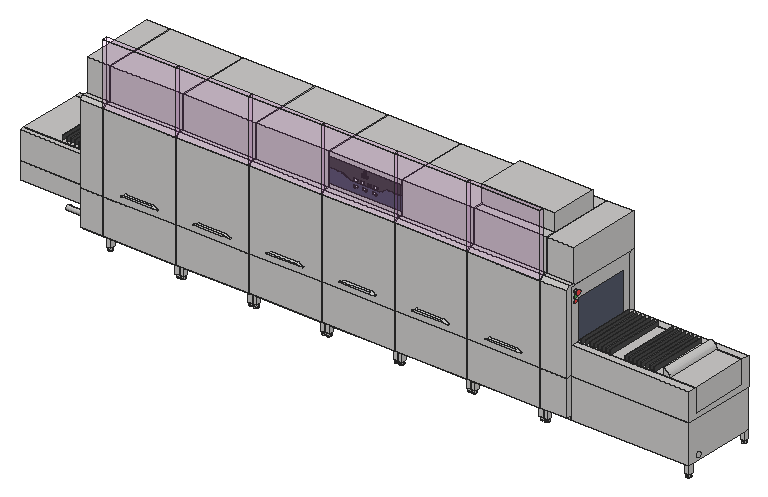
Revit family "QF_ELECTROLUXPROFESSIONAL_520719_EFTD108EL2U3D1M5L385", category Attrezzature speciali, Revit 2020
Family settings
  Quota connettore circolare = Usa diametro
  Tipo di parte = Normale
  Basato su piano di lavoro = No
  Sempre verticale = Sì
  Taglio con vuoti quando caricato = No
  Condiviso = No
  Punto di calcolo locali = No
Parameters (values of type "Standard")
  Weight = 1602.00 kg
  Watts = 93500 W
  Volts = 380 V
  URL Manufacturer = "https://www.electroluxprofessional.com/"
  URL = "https://www.electroluxprofessional.com/"
  Steam Supply Size = 0 mm
  Steam Supply Minimum Pressure = 0.0 Pa
  Steam Supply Maximum Pressure = 0.0 Pa
  Steam Consumption per Hour = 0
  Show Logo [instance] = yes
  Show Clearance [instance] = yes
  Refrigeration Suction Line Size = 0 mm
  Refrigeration Liquid Line Size = 0 mm
  Refrigerant Compressor Remote = yes
  Prospetto di default = 0 mm
  Produttore = "Electrolux Professional"
  Phase = 3
  Modello = "EFTD108EL2U3D1M5L385"
  Length Actual = 7350 mm  # constant formula
  Item Number = "520719"
  Hot Water Size = 0 mm
  Height Actual = 1983 mm  # constant formula
  HP = "125.4 HP"
  Gas Size = 0 mm
  Gas KW = 0
  Gas Input Pressure = 0 W
  Direct Waste Size = 50.8 mm
  Descrizione = "FT, 4Tanks, 10800D/H, El., 950mm loading, 1600mm unloading, 1Dryer, 55mm conveyor,L>R,380V50Hz3P"
  Depth Actual = 946 mm  # constant formula
  Cycle = 50 Hz
  Condensate Return Size = 0 mm
  Compressed Air Volume = 0.0 L/s
  Compressed Air Size = 0 mm
  Compressed Air Pressure = 0.0 Pa
  Cold Water Size = 0 mm
  Accessory = yes
Reference planes
  plane 1 "Centro (Fronte/Retro)": y = 0
  plane 2: z = 0
  plane 3 "Centro (Sinistra/Destra)": x = 0
  plane 4: z = 115
Forms (mm)
  Extrusion 1, solid, material "QF_Finishes_Stainless Steel"
    sketch origin (3032.404, 2, 1806.023) x (1, 0, 0) y (0, 0, 1)
      loop
        line (407.596, -163.023) -> (407.596, -183.023) -> (427.596, -183.023) -> (427.596, -163.023) -> (407.596, -163.023)
    from 0 to 2
  Extrusion 2, solid, material "QF_Finishes_Stainless Steel"
    sketch origin (7355.617, -1522.464, 1290.159) x (0, 0, -1) y (0, -1, 0)
      loop
        circle (1102.159, -772.464) r 25
    from -9.383 to 5.617
  Extrusion 3, solid, material "QF_Finishes_Stainless Steel"
    sketch origin (3692.404, 2, 337.984) x (1, 0, 0) y (0, 0, 1)
      loop
        line (407.596, -163.023) -> (407.596, -183.023) -> (427.596, -183.023) -> (427.596, -163.023) -> (407.596, -163.023)
    from 0 to 2
  Extrusion 4, solid, material "QF_Finishes_Stainless Steel"
    sketch origin (4126.841, 200.464, 109.383) x (1, 0, 0) y (0, 1, 0)
      loop
        circle (1102.159, -772.464) r 10
    from -9.383 to 5.617
  Extrusion 5, solid, material "QF_Finishes_Stainless Steel"
    sketch origin (4197.841, 200.464, 109.383) x (1, 0, 0) y (0, 1, 0)
      loop
        circle (1102.159, -772.464) r 10
    from -9.383 to 5.617
  Extrusion 6, solid, material "QF_Finishes_Stainless Steel"
    sketch origin (444.383, 22.464, 1290.159) x (0, 0, -1) y (0, 1, 0)
      loop
        circle (1102.159, -772.464) r 25
    from -9.383 to 255.617
Dimensions and locks
  plane 4 to level = 115 mm
  aligned and locked: level to plane 2
Nested families
  nested 1: "MODULO_CENTER_800_FAN" at (5333.563, -388.258, 0), Show Clearance <- "Show Clearance", type "MODULO_CENTER_800_FAN"
    with Show Logo yes, Show Clearance yes, R_L no, L_R yes
  nested 2: "MODULO_CENTER_800" at (3733.563, -388.258, 0), Show Clearance <- "Show Clearance", type "MODULO_CENTER_800"
    with Show Logo yes, Show Clearance yes, R_L no, L_R yes
  nested 3: "MODULO_ENTRY_DISH_950" at (558.563, -388.258, 0), type "MODULO_ENTRY_DISH_950"
    with Show Logo yes, Show Clearance yes, R_L no, L_R yes
  nested 4: "MODULO_USCITA_DISH_1600" at (6108.563, -388.258, 0), type "MODULO_USCITA_DISH_1600"
    with Show Logo yes, Show Clearance yes, R_L yes, L_R no
  nested 5: "Piedino_Square_115H" at (7326.5, -73.5, 0) x (-1, 0, 0) z (0, 0, 1), type "Piedino_Square_115H"
  nested 6: "Piedino_Square_115H" at (7326.5, -838.5, 0) x (-1, 0, 0) z (0, 0, 1), type "Piedino_Square_115H"
  nested 7: "Piedino_Square_115H" at (5773.5, -73.5, 0) x (-1, 0, 0) z (0, 0, 1), type "Piedino_Square_115H"
  nested 8: "Piedino_Square_115H" at (5773.5, -838.5, 0) x (-1, 0, 0) z (0, 0, 1), type "Piedino_Square_115H"
  nested 9: "Piedino_Square_115H" at (4173.5, -838.5, 0), type "Piedino_Square_115H"
  nested 10: "Piedino_Square_115H" at (4173.5, -73.5, 0), type "Piedino_Square_115H"
  nested 11: "Piedino_Square_115H" at (4926.5, -838.5, 0), type "Piedino_Square_115H"
  nested 12: "Piedino_Square_115H" at (4926.5, -73.5, 0), type "Piedino_Square_115H"
  nested 13: "Piedino_Square_115H" at (4973.5, -838.5, 0) x (-1, 0, 0) z (0, 0, 1), type "Piedino_Square_115H"
  nested 14: "Piedino_Square_115H" at (4973.5, -73.5, 0) x (-1, 0, 0) z (0, 0, 1), type "Piedino_Square_115H"
  nested 15: "Piedino_Square_115H" at (5726.5, -838.5, 0) x (-1, 0, 0) z (0, 0, 1), type "Piedino_Square_115H"
  nested 16: "Piedino_Square_115H" at (5726.5, -73.5, 0) x (-1, 0, 0) z (0, 0, 1), type "Piedino_Square_115H"
  nested 17: "Piedino_Square_115H" at (3373.5, -838.5, 0), type "Piedino_Square_115H"
  nested 18: "Piedino_Square_115H" at (3373.5, -73.5, 0), type "Piedino_Square_115H"
  nested 19: "Piedino_Square_115H" at (4126.5, -838.5, 0), type "Piedino_Square_115H"
  nested 20: "Piedino_Square_115H" at (4126.5, -73.5, 0), type "Piedino_Square_115H"
  nested 21: "MANIGLIA_FLIGHT_400" at (3750, -912, 639.28) x (1, 0, 0) z (0, -1, 0), type "MANIGLIA_FLIGHT_400"
  nested 22: "MANIGLIA_FLIGHT_400" at (5350, -912, 639.28) x (1, 0, 0) z (0, -1, 0), type "MANIGLIA_FLIGHT_400"
  nested 23: "MANIGLIA_FLIGHT_400" at (4550, -912, 639.28) x (1, 0, 0) z (0, -1, 0), type "MANIGLIA_FLIGHT_400"
  nested 24: "MODULO_CENTER_800" at (2966.437, -388.258, 0) x (-1, 0, 0) z (0, 0, 1), Show Clearance <- "Show Clearance", type "MODULO_CENTER_800"
    with Show Logo yes, Show Clearance yes, R_L no, L_R yes
  nested 25: "Piedino_Square_115H" at (3326.5, -838.5, 0) x (-1, 0, 0) z (0, 0, 1), type "Piedino_Square_115H"
  nested 26: "Piedino_Square_115H" at (3326.5, -73.5, 0) x (-1, 0, 0) z (0, 0, 1), type "Piedino_Square_115H"
  nested 27: "Piedino_Square_115H" at (2573.5, -838.5, 0) x (-1, 0, 0) z (0, 0, 1), type "Piedino_Square_115H"
  nested 28: "Piedino_Square_115H" at (2573.5, -73.5, 0) x (-1, 0, 0) z (0, 0, 1), type "Piedino_Square_115H"
  nested 29: "MANIGLIA_FLIGHT_400" at (2950, -912, 639.28) x (-1, 0, 0) z (0, -1, 0), type "MANIGLIA_FLIGHT_400"
  nested 30: "MODULO_CENTER_800" at (2133.563, -388.258, 0), Show Clearance <- "Show Clearance", type "MODULO_CENTER_800"
    with Show Logo yes, Show Clearance yes, R_L no, L_R yes
  nested 31: "Piedino_Square_115H" at (1773.5, -838.5, 0), type "Piedino_Square_115H"
  nested 32: "Piedino_Square_115H" at (1773.5, -73.5, 0), type "Piedino_Square_115H"
  nested 33: "Piedino_Square_115H" at (2526.5, -838.5, 0), type "Piedino_Square_115H"
  nested 34: "Piedino_Square_115H" at (2526.5, -73.5, 0), type "Piedino_Square_115H"
  nested 35: "MANIGLIA_FLIGHT_400" at (2150, -912, 639.28) x (1, 0, 0) z (0, -1, 0), type "MANIGLIA_FLIGHT_400"
  nested 36: "MODULO_CENTER_800" at (1366.437, -388.258, 0) x (-1, 0, 0) z (0, 0, 1), Show Clearance <- "Show Clearance", type "MODULO_CENTER_800"
    with Show Logo yes, Show Clearance yes, R_L no, L_R yes
  nested 37: "Piedino_Square_115H" at (1726.5, -838.5, 0) x (-1, 0, 0) z (0, 0, 1), type "Piedino_Square_115H"
  nested 38: "Piedino_Square_115H" at (1726.5, -73.5, 0) x (-1, 0, 0) z (0, 0, 1), type "Piedino_Square_115H"
  nested 39: "Piedino_Square_115H" at (973.5, -838.5, 0) x (-1, 0, 0) z (0, 0, 1), type "Piedino_Square_115H"
  nested 40: "Piedino_Square_115H" at (973.5, -73.5, 0) x (-1, 0, 0) z (0, 0, 1), type "Piedino_Square_115H"
  nested 41: "MANIGLIA_FLIGHT_400" at (1350, -912, 639.28) x (-1, 0, 0) z (0, -1, 0), type "MANIGLIA_FLIGHT_400"
  nested 42: "Schermo_Flight_800" at (3750, -815, 1592.837) x (1, 0, 0) z (0, -1, 0), type "Schermo_Flight_800"
  nested 43: "ELX_LOGO_WORDS_WHITE" at (3750, -816.6, 1682.837) x (1, 0, 0) z (0, -1, 0), Show Logo <- "Show Logo", visible <- "Show Logo", type "ELX_LOGO_WORDS_WHITE"
    with Show Logo yes
  nested 44: "ELX_LOGO_MONO_SMALL_WHITE" at (3740.08, -816.6, 1668.837) x (-1, 0, 0) z (0, -1, 0), Show Logo <- "Show Logo", visible <- "Show Logo", type "ELX_LOGO_MONO_SMALL_WHITE"
    with Show Logo yes
  nested 45: "MODULO_CENTER_800" at (4566.437, -388.258, 0) x (-1, 0, 0) z (0, 0, 1), Show Clearance <- "Show Clearance", type "MODULO_CENTER_800"
    with Show Logo yes, Show Clearance yes, R_L no, L_R yes
Connectors
  electrical at (3450, 2, 1633)
    settings: on Extrusion 1, index 69, voltage 0 V, apparent load 0 VA, apparent load phase1 0 VA, apparent load phase2 0 VA, apparent load phase3 0 VA, power factor 1, load classification "Altro", number of poles 1, system type 30, power factor state 1, is connector primary yes, connector utility no, sub classification motor no, connector description "EI"
  piping at (7365, -750, 188), diameter 50
    settings: on Extrusion 2, index 70, connector inside diameter 609.6 mm, connector length 0 mm, flow factor 0, pipe flow 0.0 L/s, pressure drop 0.0 Pa, fitting loss kfactor 0, connector angle 0.00°, fixture units 0, engagement length 0 mm, angle of deflection 0.00°, flow configuration 0, flow direction 0, fitting loss method 0, system type 29, joint type 0, gender type 0, connector reference index -1, connector utility 0, adjustable connector no, is connector primary yes, connector description "D"
  electrical at (4110, 2, 164.961)
    settings: on Extrusion 3, index 71, voltage 0 V, apparent load 0 VA, apparent load phase1 0 VA, apparent load phase2 0 VA, apparent load phase3 0 VA, power factor 1, load classification "Altro", number of poles 1, system type 30, power factor state 1, is connector primary no, connector utility no, sub classification motor no, connector description "EQ"
  piping at (5229, -572, 100), diameter 19.1
    settings: on Extrusion 4, index 72, connector inside diameter 609.6 mm, connector length 0 mm, flow factor 0, pipe flow 0.0 L/s, pressure drop 0.0 Pa, fitting loss kfactor 0, connector angle 0.00°, fixture units 0, engagement length 0 mm, angle of deflection 0.00°, flow configuration 0, flow direction 0, fitting loss method 0, system type 29, joint type 0, gender type 0, connector reference index -1, connector utility 0, adjustable connector no, is connector primary no, connector description "HWI/CWI"
  piping at (5300, -572, 100), diameter 19.1
    settings: on Extrusion 5, index 73, connector inside diameter 609.6 mm, connector length 0 mm, flow factor 0, pipe flow 0.0 L/s, pressure drop 0.0 Pa, fitting loss kfactor 0, connector angle 0.00°, fixture units 0, engagement length 0 mm, angle of deflection 0.00°, flow configuration 0, flow direction 0, fitting loss method 0, system type 29, joint type 0, gender type 0, connector reference index -1, connector utility 0, adjustable connector no, is connector primary no, connector description "HWI/CWI"
  piping at (435, -750, 188), diameter 50
    settings: on Extrusion 6, index 74, connector inside diameter 609.6 mm, connector length 0 mm, flow factor 0, pipe flow 0.0 L/s, pressure drop 0.0 Pa, fitting loss kfactor 0, connector angle 0.00°, fixture units 0, engagement length 0 mm, angle of deflection 0.00°, flow configuration 0, flow direction 0, fitting loss method 0, system type 29, joint type 0, gender type 0, connector reference index -1, connector utility 0, adjustable connector no, is connector primary no, connector description ""
Definition of nested family "MODULO_CENTER_800_FAN"
  Parameters (values of type "MODULO_CENTER_800_FAN")
    URL = "http://professional.electrolux.com"
    Show Logo [instance] = yes
    R_L [instance] = not(L_R)  # no
    Default Elevation = 0 mm
    Manufacturer = "Electrolux"
    Model = "ESR10E5"
    Length Actual = 800 mm
    Show Clearance [instance] = yes
    L_R [instance] = yes
    Height Actual = 1792 mm
    Description = "SINGLE RINSE RT, 100R/H, ELECTRIC 50HZ"
    Depth Actual = 912 mm
  Reference planes
    plane 1 "Center X": y = -67.742
    plane 2: z = 0
    plane 3 "LEFT": x = -383.563
    plane 4 "RIGHT": x = 416.437
    plane 5 "BACK": y = 388.258
    plane 6 "FEET": z = 115
    plane 7: z = 2092
    plane 8 "TOP": z = 1792
    plane 9 "FRONT": y = -523.742
    plane 10 "Left/Right": x = 16.437
    plane 11 "TopVent": z = 1983
  Forms (mm)
    Extrusion 1, solid
      sketch origin (416.437, 479.936, 4000) x (0, 1, 0) y (0, 0, 1)
        loop
          line (-91.678, -2208) -> (-906.678, -2208) -> (-906.678, -2580) -> (-91.678, -2580) -> (-91.678, -2208)
      from -800 to 0
    Extrusion 2, solid
      sketch origin (-383.563, 437.565, 3910) x (0, 1, 0) y (0, 0, 1)
        loop
          line (-99.307, -2490) -> (-911.307, -2490) -> (-911.307, -3552) -> (-99.307, -3552) -> (-99.307, -2490)
      from 800 to 0
    Extrusion 3, solid
      sketch origin (416.437, 479.936, 4299) x (0, 1, 0) y (0, 0, 1)
        loop
          line (-278.21, -2316) -> (-803.678, -2316) -> (-803.678, -2507) -> (-278.21, -2507) -> (-278.21, -2316)
      from -800 to 0
    Extrusion 4, solid
      sketch origin (16.437, 0, 1.5) x (0, 0, 1) y (0, -1, 0)
        loop
          line (356.5, -338.258) -> (356.5, 473.742) -> (113.5, 473.742) -> (113.5, -338.258) -> (356.5, -338.258)
      from 400 to -400
    Extrusion 5, solid
      sketch origin (16.437, 0, 0) x (0, 0, 1) y (0, -1, 0)
        loop
          line (1420, -338.258) -> (545, -338.258) -> (545, -388.258) -> (1420, -388.258) -> (1420, -338.258)
      from -400 to 400
    Extrusion 6, solid
      sketch origin (16.437, 0, 0) x (0, 0, 1) y (0, -1, 0)
        loop
          line (545, -388.258) -> (545, -338.258) -> (154, -338.258) -> (154, -388.258) -> (545, -388.258)
      from -400 to 400
    Extrusion 7, solid
      sketch origin (16.437, -882.484, -150) x (0, -1, 0) y (0, 0, 1)
        loop
          line (-358.742, 304) -> (-358.742, 695) -> (-408.742, 695) -> (-408.742, 304) -> (-358.742, 304)
      from -400 to 400
    Extrusion 8, solid
      sketch origin (16.437, -882.484, -151) x (0, -1, 0) y (0, 0, 1)
        loop
          line (-408.742, 1571) -> (-408.742, 696) -> (-358.742, 696) -> (-358.742, 1556) -> (-395.742, 1593) -> (-443.742, 1593) -> (-443.742, 1571) -> (-408.742, 1571)
      from -400 to 400
    Extrusion 9, solid, visible <- "Show Clearance"
      sketch origin (16.437, -882.484, 452) x (0, -1, 0) y (0, 0, 1)
        loop
          line (-408.742, 1640) -> (-408.742, 953.624) -> (-358.742, 953.624) -> (-358.742, 1640) -> (-408.742, 1640)
      from -400 to 400
  Dimensions and locks
    plane 3 "LEFT" to plane 4 "RIGHT" = 800 mm
    plane 5 "BACK" to plane 1 "Center X" to plane 9 "FRONT" = 456 mm, 456 mm
    plane 6 "FEET" to level = 115 mm  (x2)
    plane 6 "FEET" to plane 8 "TOP" = 1677 mm
    plane 5 "BACK" to plane 9 "FRONT" = 912 mm  (x2)
    plane 4 "RIGHT" to plane 3 "LEFT" = 800 mm
    plane 9 "FRONT" to plane 5 "BACK" = 912 mm
    level to plane 8 "TOP" = 1792 mm  (x2)
    plane 7 to level = 2092 mm
    plane 11 "TopVent" to plane 2 = 1983 mm
    plane 7 to plane 2 = 2092 mm
    Extrusion 2 to level = 1420 mm
    Extrusion 8 to level = 1442 mm
    plane 11 "TopVent" to level = 1983 mm
    aligned and locked: level to plane 2
Definition of nested family "MODULO_CENTER_800"
  Parameters (values of type "MODULO_CENTER_800")
    URL = "http://professional.electrolux.com"
    Show Logo [instance] = yes
    R_L [instance] = not(L_R)  # no
    Default Elevation = 0 mm
    Manufacturer = "Electrolux"
    Model = "ESR10E5"
    Length Actual = 800 mm
    Show Clearance [instance] = yes
    L_R [instance] = yes
    Height Actual = 1792 mm
    Description = "SINGLE RINSE RT, 100R/H, ELECTRIC 50HZ"
    Depth Actual = 912 mm
  Reference planes
    plane 1 "Center X": y = -67.742
    plane 2: z = 0
    plane 3 "LEFT": x = -383.563
    plane 4 "RIGHT": x = 416.437
    plane 5 "BACK": y = 388.258
    plane 6 "FEET": z = 115
    plane 7: z = 2092
    plane 8 "TOP": z = 1792
    plane 9 "FRONT": y = -523.742
    plane 10 "Left/Right": x = 16.437
  Forms (mm)
    Extrusion 1, solid
      sketch origin (416.437, 479.936, 4000) x (0, 1, 0) y (0, 0, 1)
        loop
          line (-91.678, -2208) -> (-906.678, -2208) -> (-906.678, -2580) -> (-91.678, -2580) -> (-91.678, -2208)
      from -800 to 0
    Extrusion 2, solid
      sketch origin (-383.563, 437.565, 3915) x (0, 1, 0) y (0, 0, 1)
        loop
          line (-99.307, -2495) -> (-911.307, -2495) -> (-911.307, -3557) -> (-99.307, -3557) -> (-99.307, -2495)
      from 800 to 0
    Extrusion 3, solid
      sketch origin (16.437, 0, 1.5) x (0, 0, 1) y (0, -1, 0)
        loop
          line (356.5, -338.258) -> (356.5, 473.742) -> (113.5, 473.742) -> (113.5, -338.258) -> (356.5, -338.258)
      from 400 to -400
    Extrusion 4, solid
      sketch origin (16.437, 0, 0) x (0, 0, 1) y (0, -1, 0)
        loop
          line (1420, -338.258) -> (545, -338.258) -> (545, -388.258) -> (1420, -388.258) -> (1420, -338.258)
      from -400 to 400
    Extrusion 5, solid
      sketch origin (16.437, 0, 0) x (0, 0, 1) y (0, -1, 0)
        loop
          line (545, -388.258) -> (545, -338.258) -> (154, -338.258) -> (154, -388.258) -> (545, -388.258)
      from -400 to 400
    Extrusion 6, solid
      sketch origin (16.437, -882.484, -150) x (0, -1, 0) y (0, 0, 1)
        loop
          line (-358.742, 304) -> (-358.742, 695) -> (-408.742, 695) -> (-408.742, 304) -> (-358.742, 304)
      from -400 to 400
    Extrusion 7, solid
      sketch origin (16.437, -882.484, -151) x (0, -1, 0) y (0, 0, 1)
        loop
          line (-408.742, 1571) -> (-408.742, 696) -> (-358.742, 696) -> (-358.742, 1556) -> (-395.742, 1593) -> (-443.742, 1593) -> (-443.742, 1571) -> (-408.742, 1571)
      from -400 to 400
    Extrusion 8, solid, visible <- "Show Clearance"
      sketch origin (16.437, -882.484, 452) x (0, -1, 0) y (0, 0, 1)
        loop
          line (-408.742, 1640) -> (-408.742, 953.624) -> (-358.742, 953.624) -> (-358.742, 1640) -> (-408.742, 1640)
      from -400 to 400
  Dimensions and locks
    plane 3 "LEFT" to plane 4 "RIGHT" = 800 mm
    plane 5 "BACK" to plane 1 "Center X" to plane 9 "FRONT" = 456 mm, 456 mm
    plane 6 "FEET" to level = 115 mm  (x2)
    plane 6 "FEET" to plane 8 "TOP" = 1677 mm
    plane 5 "BACK" to plane 9 "FRONT" = 912 mm  (x2)
    plane 4 "RIGHT" to plane 3 "LEFT" = 800 mm
    plane 9 "FRONT" to plane 5 "BACK" = 912 mm
    level to plane 8 "TOP" = 1792 mm  (x2)
    plane 7 to level = 2092 mm
    plane 7 to plane 2 = 2092 mm
    Extrusion 2 to level = 1420 mm
    Extrusion 7 to level = 1442 mm
    aligned and locked: level to plane 2
Definition of nested family "MODULO_ENTRY_DISH_950"
  Parameters (values of type "MODULO_ENTRY_DISH_950")
    URL = "http://professional.electrolux.com"
    Show Logo [instance] = yes
    R_L [instance] = not(L_R)  # no
    Default Elevation = 0 mm
    Manufacturer = "Electrolux"
    Model = "ESR10E5"
    Length Actual = 800 mm
    Show Clearance [instance] = yes
    L_R [instance] = yes
    Height Actual = 1792 mm
    Description = "SINGLE RINSE RT, 100R/H, ELECTRIC 50HZ"
    Depth Actual = 912 mm
  Reference planes
    plane 1 "Center (Front/Back)": y = -67.742
    plane 2: z = 0
    plane 3 "LEFT": x = -558.563
    plane 4 "RIGHT": x = 391.437
    plane 5 "BACK": y = 388.258
    plane 6 "FRONT": y = -523.742
    plane 7 "BUTTONS": y = -427.742
    plane 8: z = 115
    plane 9 "2": y = 292.258
  Forms (mm)
    Extrusion 1, solid, visible <- "L_R"
      sketch origin (391.437, 479.936, 4000) x (0, 1, 0) y (0, 0, 1)
        loop
          line (-91.678, -2208) -> (-906.678, -2208) -> (-906.678, -2580) -> (-91.678, -2580) -> (-91.678, -2208)
      from -250 to 0
    Extrusion 2, solid
      sketch origin (-358.563, 437.565, 3910) x (0, 1, 0) y (0, 0, 1)
        loop
          line (-99.307, -2490) -> (-911.307, -2490) -> (-911.307, -3552) -> (-99.307, -3552) -> (-99.307, -2490)
      from 750 to 500
    Extrusion 3, solid
      sketch origin (-558.563, 437.565, 3910) x (0, 1, 0) y (0, 0, 1)
        loop
          line (-99.307, -3365) -> (-99.307, -3060) -> (-149.307, -3060) -> (-149.307, -3315) -> (-861.307, -3315) -> (-861.307, -3060) -> (-911.307, -3060) -> (-911.307, -3365) -> (-99.307, -3365)
      from 700 to 0
    Extrusion 4, solid
      sketch origin (16.437, 0, -4.987) x (0, 0, 1) y (0, -1, 0)
        loop
          line (362.987, -338.258) -> (362.987, 473.742) -> (119.987, 473.742) -> (119.987, -338.258) -> (362.987, -338.258)
      from 375 to 125
    Extrusion 5, solid, visible <- "L_R"
      sketch origin (16.437, 0, 0) x (0, 0, 1) y (0, -1, 0)
        loop
          line (1420, -338.258) -> (545, -338.258) -> (545, -388.258) -> (1420, -388.258) -> (1420, -338.258)
      from 125 to 375
    Extrusion 6, solid
      sketch origin (16.437, 0, 0) x (0, 0, 1) y (0, -1, 0)
        loop
          line (545, -388.258) -> (545, -338.258) -> (154, -338.258) -> (154, -388.258) -> (545, -388.258)
      from 125 to 375
    Extrusion 7, solid
      sketch origin (-558.563, 437.565, 3607.258) x (0, 1, 0) y (0, 0, 1)
        loop
          line (-99.307, -3249.258) -> (-99.307, -3062.258) -> (-911.307, -3062.258) -> (-911.307, -3249.258) -> (-99.307, -3249.258)
      from 700 to 0
    Extrusion 8, solid
      sketch origin (-558.563, 437.565, 4000) x (0, 1, 0) y (0, 0, 1)
        loop
          line (-149.307, -3150) -> (-861.307, -3150) -> (-861.307, -3405) -> (-149.307, -3405) -> (-149.307, -3150)
      from 0 to 700
    Extrusion 9, solid
      sketch origin (266.437, -882.484, -150) x (0, -1, 0) y (0, 0, 1)
        loop
          line (-358.742, 304) -> (-358.742, 695) -> (-408.742, 695) -> (-408.742, 304) -> (-358.742, 304)
      from -125 to 125
    Extrusion 10, solid, visible <- "L_R"
      sketch origin (266.437, -882.484, -151) x (0, -1, 0) y (0, 0, 1)
        loop
          line (-408.742, 1571) -> (-408.742, 696) -> (-358.742, 696) -> (-358.742, 1556) -> (-395.742, 1593) -> (-443.742, 1593) -> (-443.742, 1571) -> (-408.742, 1571)
      from -125 to 125
    Extrusion 11, solid
      sketch origin (-358.563, 437.565, 4000) x (0, 1, 0) y (0, 0, 1)
        loop
          line (-199.307, -2725.701) -> (-811.307, -2725.701) -> (-811.307, -3137.701) -> (-199.307, -3137.701) -> (-199.307, -2725.701)
      from 495.458 to 500
    Extrusion 12, solid, visible <- "R_L"
      sketch origin (266.437, 747, -151) x (0, 1, 0) y (0, 0, -1)
        loop
          line (-408.742, -1571) -> (-443.742, -1571) -> (-443.742, -1593) -> (-395.742, -1593) -> (-358.742, -1556) -> (-358.742, -696) -> (-408.742, -696) -> (-408.742, -1571)
      from -125 to 125
    Extrusion 13, solid, visible <- "R_L"
      sketch origin (16.437, -135.484, 0) x (0, 0, 1) y (0, -1, 0)
        loop
          line (1420, 338.258) -> (1420, 388.258) -> (545, 388.258) -> (545, 338.258) -> (1420, 338.258)
      from 125 to 375
    Extrusion 14, solid, visible <- "R_L"
      sketch origin (391.437, -615.42, 4000) x (0, -1, 0) y (0, 0, -1)
        loop
          line (-91.678, 2208) -> (-91.678, 2580) -> (-906.678, 2580) -> (-906.678, 2208) -> (-91.678, 2208)
      from -250 to 0
    Extrusion 15, solid
      sketch origin (-191.477, -192.742, -3) x (-1, 0, 0) y (0, 0, 1)
        loop
          line (-26.676, 853) -> (-26.676, 898) -> (-36.676, 898) -> (-36.676, 853) -> (-26.676, 853)
      from -196 to 446
    Extrusion 16, solid
      sketch origin (-146.477, -192.742, -3) x (-1, 0, 0) y (0, 0, 1)
        loop
          line (-26.676, 853) -> (-26.676, 898) -> (-36.676, 898) -> (-36.676, 853) -> (-26.676, 853)
      from -196 to 446
    Extrusion 17, solid
      sketch origin (-101.477, -192.742, -3) x (-1, 0, 0) y (0, 0, 1)
        loop
          line (-26.676, 853) -> (-26.676, 898) -> (-36.676, 898) -> (-36.676, 853) -> (-26.676, 853)
      from -196 to 446
    Extrusion 18, solid
      sketch origin (-56.477, -192.742, -3) x (-1, 0, 0) y (0, 0, 1)
        loop
          line (-26.676, 853) -> (-26.676, 898) -> (-36.676, 898) -> (-36.676, 853) -> (-26.676, 853)
      from -196 to 446
    Extrusion 19, solid
      sketch origin (-11.477, -192.742, -3) x (-1, 0, 0) y (0, 0, 1)
        loop
          line (-26.676, 853) -> (-26.676, 898) -> (-36.676, 898) -> (-36.676, 853) -> (-26.676, 853)
      from -196 to 446
    Extrusion 20, solid
      sketch origin (33.523, -192.742, -3) x (-1, 0, 0) y (0, 0, 1)
        loop
          line (-26.676, 853) -> (-26.676, 898) -> (-36.676, 898) -> (-36.676, 853) -> (-26.676, 853)
      from -196 to 446
  Dimensions and locks
    plane 3 "LEFT" to plane 4 "RIGHT" = 950 mm
    plane 5 "BACK" to plane 1 "Center (Front/Back)" to plane 6 "FRONT" = 456 mm, 456 mm
    plane 5 "BACK" to plane 6 "FRONT" = 912 mm  (x2)
    plane 4 "RIGHT" to plane 3 "LEFT" = 950 mm  (x2)
    plane 6 "FRONT" to plane 5 "BACK" = 912 mm
    plane 8 to level = 115 mm
    Extrusion 1 to level = 1792 mm
    Extrusion 3 to level = 850 mm
    aligned and locked: level to plane 2
  Nested families
    nested 1: "BOTTONE_RED_STOP" at (141.437, -427.742, 1266.906) x (0, -1, 0) z (-1, 0, 0), visible <- "L_R", type "BOTTONE_RED_STOP"
    nested 2: "BOTTONE_EMERGENCY_STOP" at (141.437, -427.742, 1370) x (0, -1, 0) z (-1, 0, 0), visible <- "L_R", type "BOTTONE_EMERGENCY_STOP"
    nested 3: "BOTTONE_GREEN_START" at (141.437, -427.742, 1316.906) x (0, -1, 0) z (-1, 0, 0), visible <- "L_R", type "BOTTONE_GREEN_START"
    nested 4: "BOTTONE_RED_STOP" at (141.437, 292.258, 1267.906) x (0, 1, 0) z (-1, 0, 0), visible <- "R_L", type "BOTTONE_RED_STOP"
    nested 5: "BOTTONE_EMERGENCY_STOP" at (141.437, 292.258, 1371) x (0, 1, 0) z (-1, 0, 0), visible <- "R_L", type "BOTTONE_EMERGENCY_STOP"
    nested 6: "BOTTONE_GREEN_START" at (141.437, 292.258, 1317.906) x (0, 1, 0) z (-1, 0, 0), visible <- "R_L", type "BOTTONE_GREEN_START"
  Definition of nested family "BOTTONE_RED_STOP"
    Parameters (values of type "BOTTONE_RED_STOP")
      Default Elevation = 1219.2 mm
    Reference planes
      plane 1 "Centro (Fronte/Retro)": y = 0
      plane 2: z = 0
      plane 3 "Centro (Sinistra/Destra)": x = 0
    Forms (mm)
      Extrusion 1, solid
        sketch origin (0, 0, 0) x (1, 0, 0) y (0, 1, 0)
          loop
            line (-1219.2, 1219.2) -> (-1219.2, -1219.2) -> (1219.2, -1219.2) -> (1219.2, 1219.2) -> (-1219.2, 1219.2)
        from 0 to -304.8
      Extrusion 2, solid
        sketch origin (-367.513, 69.533, 15) x (-1, 0, 0) y (0, 1, 0)
          loop
            circle (-367.513, -69.533) r 15
        from 0 to 15
    Dimensions and locks
      aligned and locked: plane 2 to Extrusion 1
      aligned and locked: level to Extrusion 1
  Definition of nested family "BOTTONE_EMERGENCY_STOP"
    Parameters
      Default Elevation = 1219.2 mm
    Reference planes
      plane 1 "Centro (Fronte/Retro)": y = 0
      plane 2: z = 0
      plane 3 "Centro (Sinistra/Destra)": x = 0
    Forms (mm)
      Extrusion 1, solid
        sketch origin (0, 0, 0) x (1, 0, 0) y (0, 1, 0)
          loop
            line (-1219.2, 1219.2) -> (-1219.2, -1219.2) -> (1219.2, -1219.2) -> (1219.2, 1219.2) -> (-1219.2, 1219.2)
        from 0 to -304.8
      Extrusion 2, solid
        sketch origin (0, 0, 0) x (1, 0, 0) y (0, 1, 0)
          loop
            circle (0, 0) r 15
        from 0 to 20.273
      Blend 3, solid
        base sketch origin (-49.801, 0, 0) x (1, 0, 0) y (0, 1, 0)
          loop
            circle (49.801, 0) r 15
        top sketch origin (-49.801, 0, 0) x (1, 0, 0) y (0, 1, 0)
          loop
            circle (49.801, 0) r 25
        from 20.273 to 47.605
    Dimensions and locks
      aligned and locked: plane 2 to Extrusion 1
      aligned and locked: level to Extrusion 1
  Definition of nested family "BOTTONE_GREEN_START"
    Parameters (values of type "BOTTONE_GREEN_START")
      Default Elevation = 1219.2 mm
    Reference planes
      plane 1 "Centro (Fronte/Retro)": y = 0
      plane 2: z = 0
      plane 3 "Centro (Sinistra/Destra)": x = 0
    Forms (mm)
      Extrusion 1, solid
        sketch origin (0, 0, 0) x (1, 0, 0) y (0, 1, 0)
          loop
            line (-1219.2, 1219.2) -> (-1219.2, -1219.2) -> (1219.2, -1219.2) -> (1219.2, 1219.2) -> (-1219.2, 1219.2)
        from 0 to -304.8
      Extrusion 2, solid
        sketch origin (-367.513, 69.533, 15) x (-1, 0, 0) y (0, 1, 0)
          loop
            circle (-367.513, -69.533) r 15
        from 0 to 15
    Dimensions and locks
      aligned and locked: plane 2 to Extrusion 1
      aligned and locked: level to Extrusion 1
Definition of nested family "MODULO_USCITA_DISH_1600"
  Parameters (values of type "MODULO_USCITA_DISH_1600")
    URL = "http://professional.electrolux.com"
    Show Logo [instance] = yes
    R_L [instance] = not(L_R)  # yes
    Default Elevation = 0 mm
    Manufacturer = "Electrolux"
    Model = "ESR10E5"
    Length Actual = 800 mm
    Show Clearance [instance] = yes
    L_R [instance] = no
    Height Actual = 1792 mm
    Description = "SINGLE RINSE RT, 100R/H, ELECTRIC 50HZ"
    Depth Actual = 912 mm
  Reference planes
    plane 1 "Center (Front/Back)": y = -67.742
    plane 2: z = 0
    plane 3 "LEFT": x = -358.563
    plane 4 "BACK": y = 388.258
    plane 5 "FEET": z = 115
    plane 6 "TOP": z = 1792
    plane 7 "FRONT": y = -523.742
    plane 8: x = -358.563
    plane 9: y = -427.742
    plane 10 "RIGHT": x = 1241.437
  Forms (mm)
    Extrusion 1, solid, visible <- "R_L"
      sketch origin (-358.563, 479.936, 4003) x (0, 1, 0) y (0, 0, -1)
        loop
          line (-91.678, 2211) -> (-91.678, 2583) -> (-906.678, 2583) -> (-906.678, 2211) -> (-91.678, 2211)
      from -300 to 0
    Extrusion 2, solid
      sketch origin (-358.563, 437.565, 4003) x (0, 1, 0) y (0, 0, 1)
        loop
          line (-99.307, -3458) -> (-911.307, -3458) -> (-911.307, -3888) -> (-99.307, -3888) -> (-99.307, -3458)
      from 300 to 0
    Extrusion 3, solid
      sketch origin (-358.563, 479.936, 4003) x (0, 1, 0) y (0, 0, -1)
        loop
          line (-141.678, 2583) -> (-141.678, 3458) -> (-953.678, 3458) -> (-953.678, 2583) -> (-141.678, 2583)
      from -300 to 0
    Extrusion 4, solid
      sketch origin (391.437, 437.565, 3913) x (0, 1, 0) y (0, 0, -1)
        loop
          line (-99.307, 3368) -> (-911.307, 3368) -> (-911.307, 3063) -> (-826.307, 3063) -> (-826.307, 3318) -> (-184.307, 3318) -> (-184.307, 3063) -> (-99.307, 3063) -> (-99.307, 3368)
      from 450 to -850
    Extrusion 5, solid, visible <- "R_L"
      sketch origin (16.437, 0, 3) x (0, 0, 1) y (0, 1, 0)
        loop
          line (1417, 338.258) -> (1417, 388.258) -> (542, 388.258) -> (542, 338.258) -> (1417, 338.258)
      from 75 to 375
    Extrusion 6, solid
      sketch origin (16.437, 0, 3) x (0, 0, 1) y (0, 1, 0)
        loop
          line (542, 388.258) -> (151, 388.258) -> (151, 338.258) -> (542, 338.258) -> (542, 388.258)
      from 75 to 375
    Extrusion 7, solid
      sketch origin (391.437, 437.565, 3610.258) x (0, 1, 0) y (0, 0, -1)
        loop
          line (-99.307, 3495.258) -> (-911.307, 3495.258) -> (-911.307, 3065.258) -> (-99.307, 3065.258) -> (-99.307, 3495.258)
      from 450 to -850
    Extrusion 8, solid
      sketch origin (1241.437, 0, 3) x (0, 1, 0) y (0, 0, 1)
        loop
          line (253.258, 847) -> (-388.742, 847) -> (-388.742, 592) -> (253.258, 592) -> (253.258, 847)
      from 0 to -1300
    Extrusion 9, solid
      sketch origin (-358.563, 437.565, 3928) x (0, 1, 0) y (0, 0, 1)
        loop
          line (-811.307, -3065.701) -> (-199.307, -3065.701) -> (-199.307, -2653.701) -> (-811.307, -2653.701) -> (-811.307, -3065.701)
      from 300 to 304.77
    Extrusion 10, solid
      sketch origin (-208.563, -115, -147) x (0, 1, 0) y (0, 0, 1)
        loop
          line (-358.742, 301) -> (-358.742, 692) -> (-408.742, 692) -> (-408.742, 301) -> (-358.742, 301)
      from -150 to 150
    Extrusion 11, solid, visible <- "R_L"
      sketch origin (-208.563, -882.484, -151) x (0, -1, 0) y (0, 0, 1)
        loop
          line (-408.742, 1571) -> (-408.742, 696) -> (-358.742, 696) -> (-358.742, 1556) -> (-395.742, 1593) -> (-443.742, 1593) -> (-443.742, 1571) -> (-408.742, 1571)
      from -150 to 150
    Extrusion 12, solid
      sketch origin (-39.574, -192.742, -3) x (-1, 0, 0) y (0, 0, 1)
        loop
          line (-26.676, 853) -> (-26.676, 898) -> (-36.676, 898) -> (-36.676, 853) -> (-26.676, 853)
      from -196 to 446
    Extrusion 13, solid
      sketch origin (5.426, -192.742, -3) x (-1, 0, 0) y (0, 0, 1)
        loop
          line (-26.676, 853) -> (-26.676, 898) -> (-36.676, 898) -> (-36.676, 853) -> (-26.676, 853)
      from -196 to 446
    Extrusion 14, solid
      sketch origin (50.426, -192.742, -3) x (-1, 0, 0) y (0, 0, 1)
        loop
          line (-26.676, 853) -> (-26.676, 898) -> (-36.676, 898) -> (-36.676, 853) -> (-26.676, 853)
      from -196 to 446
    Extrusion 15, solid
      sketch origin (95.426, -192.742, -3) x (-1, 0, 0) y (0, 0, 1)
        loop
          line (-26.676, 853) -> (-26.676, 898) -> (-36.676, 898) -> (-36.676, 853) -> (-26.676, 853)
      from -196 to 446
    Extrusion 16, solid
      sketch origin (140.426, -192.742, -3) x (-1, 0, 0) y (0, 0, 1)
        loop
          line (-26.676, 853) -> (-26.676, 898) -> (-36.676, 898) -> (-36.676, 853) -> (-26.676, 853)
      from -196 to 446
    Extrusion 17, solid
      sketch origin (185.426, -192.742, -3) x (-1, 0, 0) y (0, 0, 1)
        loop
          line (-26.676, 853) -> (-26.676, 898) -> (-36.676, 898) -> (-36.676, 853) -> (-26.676, 853)
      from -196 to 446
    Extrusion 18, solid
      sketch origin (230.426, -192.742, -3) x (-1, 0, 0) y (0, 0, 1)
        loop
          line (-26.676, 853) -> (-26.676, 898) -> (-36.676, 898) -> (-36.676, 853) -> (-26.676, 853)
      from -196 to 446
    Extrusion 19, solid
      sketch origin (275.426, -192.742, -3) x (-1, 0, 0) y (0, 0, 1)
        loop
          line (-26.676, 853) -> (-26.676, 898) -> (-36.676, 898) -> (-36.676, 853) -> (-26.676, 853)
      from -196 to 446
    Revolve 20, solid
      sketch origin (460, 0, 850) x (1, 0, 0) y (0, 1, 0)
        loop
          line (430.204, 253.258) -> (430.204, -388.742) -> (502.335, -388.742) -> (502.335, 253.258) -> (430.204, 253.258)
        axis (430.204, 253.258) -> (430.204, -388.742)
      angle from 0 to -90
    Extrusion 21, solid, visible <- "L_R"
      sketch origin (-208.563, 747, -151) x (0, 1, 0) y (0, 0, -1)
        loop
          line (-408.742, -1571) -> (-443.742, -1571) -> (-443.742, -1593) -> (-395.742, -1593) -> (-358.742, -1556) -> (-358.742, -696) -> (-408.742, -696) -> (-408.742, -1571)
      from -150 to 150
    Extrusion 22, solid, visible <- "L_R"
      sketch origin (16.437, -135.484, 3) x (0, 0, 1) y (0, 1, 0)
        loop
          line (1417, -338.258) -> (542, -338.258) -> (542, -388.258) -> (1417, -388.258) -> (1417, -338.258)
      from 75 to 375
    Extrusion 23, solid, visible <- "L_R"
      sketch origin (-358.563, -615.42, 4003) x (0, -1, 0) y (0, 0, 1)
        loop
          line (-91.678, -2211) -> (-906.678, -2211) -> (-906.678, -2583) -> (-91.678, -2583) -> (-91.678, -2211)
      from -300 to 0
    Extrusion 24, solid
      sketch origin (440.426, -192.742, -3) x (-1, 0, 0) y (0, 0, 1)
        loop
          line (-26.676, 853) -> (-26.676, 898) -> (-36.676, 898) -> (-36.676, 853) -> (-26.676, 853)
      from -196 to 446
    Extrusion 25, solid
      sketch origin (485.426, -192.742, -3) x (-1, 0, 0) y (0, 0, 1)
        loop
          line (-26.676, 853) -> (-26.676, 898) -> (-36.676, 898) -> (-36.676, 853) -> (-26.676, 853)
      from -196 to 446
    Extrusion 26, solid
      sketch origin (530.426, -192.742, -3) x (-1, 0, 0) y (0, 0, 1)
        loop
          line (-26.676, 853) -> (-26.676, 898) -> (-36.676, 898) -> (-36.676, 853) -> (-26.676, 853)
      from -196 to 446
    Extrusion 27, solid
      sketch origin (575.426, -192.742, -3) x (-1, 0, 0) y (0, 0, 1)
        loop
          line (-26.676, 853) -> (-26.676, 898) -> (-36.676, 898) -> (-36.676, 853) -> (-26.676, 853)
      from -196 to 446
    Extrusion 28, solid
      sketch origin (620.426, -192.742, -3) x (-1, 0, 0) y (0, 0, 1)
        loop
          line (-26.676, 853) -> (-26.676, 898) -> (-36.676, 898) -> (-36.676, 853) -> (-26.676, 853)
      from -196 to 446
    Extrusion 29, solid
      sketch origin (665.426, -192.742, -3) x (-1, 0, 0) y (0, 0, 1)
        loop
          line (-26.676, 853) -> (-26.676, 898) -> (-36.676, 898) -> (-36.676, 853) -> (-26.676, 853)
      from -196 to 446
    Extrusion 30, solid
      sketch origin (710.426, -192.742, -3) x (-1, 0, 0) y (0, 0, 1)
        loop
          line (-26.676, 853) -> (-26.676, 898) -> (-36.676, 898) -> (-36.676, 853) -> (-26.676, 853)
      from -196 to 446
    Extrusion 31, solid
      sketch origin (755.426, -192.742, -3) x (-1, 0, 0) y (0, 0, 1)
        loop
          line (-26.676, 853) -> (-26.676, 898) -> (-36.676, 898) -> (-36.676, 853) -> (-26.676, 853)
      from -196 to 446
  Dimensions and locks
    plane 4 "BACK" to plane 1 "Center (Front/Back)" to plane 7 "FRONT" = 456 mm, 456 mm
    plane 5 "FEET" to level = 115 mm  (x2)
    plane 4 "BACK" to plane 7 "FRONT" = 912 mm  (x2)
    plane 7 "FRONT" to plane 4 "BACK" = 912 mm
    level to plane 6 "TOP" = 1792 mm
    plane 3 "LEFT" to plane 10 "RIGHT" = 1600 mm
    plane 8 to plane 10 "RIGHT" = 1600 mm
    plane 6 "TOP" to level = 1792 mm
    aligned and locked: level to plane 2
  Nested families
    nested 1: "BOTTONE_EMERGENCY_STOP" at (-58.563, -427.742, 1369) x (0, -1, 0) z (1, 0, 0), visible <- "R_L", type "BOTTONE_EMERGENCY_STOP"
    nested 2: "BOTTONE_GREEN_START" at (-58.563, -427.742, 1315.906) x (0, -1, 0) z (1, 0, 0), visible <- "R_L", type "BOTTONE_GREEN_START"
    nested 3: "BOTTONE_RED_STOP" at (-58.563, -427.742, 1265.906) x (0, -1, 0) z (1, 0, 0), visible <- "R_L", type "BOTTONE_RED_STOP"
    nested 4: "BOTTONE_EMERGENCY_STOP" at (-58.563, 292.258, 1369) x (0, 1, 0) z (1, 0, 0), visible <- "L_R", type "BOTTONE_EMERGENCY_STOP"
    nested 5: "BOTTONE_GREEN_START" at (-58.563, 292.258, 1315.906) x (0, 1, 0) z (1, 0, 0), visible <- "L_R", type "BOTTONE_GREEN_START"
    nested 6: "BOTTONE_RED_STOP" at (-58.563, 292.258, 1265.906) x (0, 1, 0) z (1, 0, 0), visible <- "L_R", type "BOTTONE_RED_STOP"
  Definition of nested family "BOTTONE_EMERGENCY_STOP"
    Parameters
      Default Elevation = 1219.2 mm
    Reference planes
      plane 1 "Centro (Fronte/Retro)": y = 0
      plane 2: z = 0
      plane 3 "Centro (Sinistra/Destra)": x = 0
    Forms (mm)
      Extrusion 1, solid
        sketch origin (0, 0, 0) x (1, 0, 0) y (0, 1, 0)
          loop
            line (-1219.2, 1219.2) -> (-1219.2, -1219.2) -> (1219.2, -1219.2) -> (1219.2, 1219.2) -> (-1219.2, 1219.2)
        from 0 to -304.8
      Extrusion 2, solid
        sketch origin (0, 0, 0) x (1, 0, 0) y (0, 1, 0)
          loop
            circle (0, 0) r 15
        from 0 to 20.273
      Blend 3, solid
        base sketch origin (-49.801, 0, 0) x (1, 0, 0) y (0, 1, 0)
          loop
            circle (49.801, 0) r 15
        top sketch origin (-49.801, 0, 0) x (1, 0, 0) y (0, 1, 0)
          loop
            circle (49.801, 0) r 25
        from 20.273 to 47.605
    Dimensions and locks
      aligned and locked: plane 2 to Extrusion 1
      aligned and locked: level to Extrusion 1
  Definition of nested family "BOTTONE_GREEN_START"
    Parameters (values of type "BOTTONE_GREEN_START")
      Default Elevation = 1219.2 mm
    Reference planes
      plane 1 "Centro (Fronte/Retro)": y = 0
      plane 2: z = 0
      plane 3 "Centro (Sinistra/Destra)": x = 0
    Forms (mm)
      Extrusion 1, solid
        sketch origin (0, 0, 0) x (1, 0, 0) y (0, 1, 0)
          loop
            line (-1219.2, 1219.2) -> (-1219.2, -1219.2) -> (1219.2, -1219.2) -> (1219.2, 1219.2) -> (-1219.2, 1219.2)
        from 0 to -304.8
      Extrusion 2, solid
        sketch origin (-367.513, 69.533, 15) x (-1, 0, 0) y (0, 1, 0)
          loop
            circle (-367.513, -69.533) r 15
        from 0 to 15
    Dimensions and locks
      aligned and locked: plane 2 to Extrusion 1
      aligned and locked: level to Extrusion 1
  Definition of nested family "BOTTONE_RED_STOP"
    Parameters (values of type "BOTTONE_RED_STOP")
      Default Elevation = 1219.2 mm
    Reference planes
      plane 1 "Centro (Fronte/Retro)": y = 0
      plane 2: z = 0
      plane 3 "Centro (Sinistra/Destra)": x = 0
    Forms (mm)
      Extrusion 1, solid
        sketch origin (0, 0, 0) x (1, 0, 0) y (0, 1, 0)
          loop
            line (-1219.2, 1219.2) -> (-1219.2, -1219.2) -> (1219.2, -1219.2) -> (1219.2, 1219.2) -> (-1219.2, 1219.2)
        from 0 to -304.8
      Extrusion 2, solid
        sketch origin (-367.513, 69.533, 15) x (-1, 0, 0) y (0, 1, 0)
          loop
            circle (-367.513, -69.533) r 15
        from 0 to 15
    Dimensions and locks
      aligned and locked: plane 2 to Extrusion 1
      aligned and locked: level to Extrusion 1
Definition of nested family "Piedino_Square_115H"
  Parameters (values of type "Piedino_Square_115H")
    Default Elevation = 0 mm
  Reference planes
    plane 1 "Centro (Fronte/Retro)": y = 0
    plane 2: z = 0
    plane 3 "Centro (Sinistra/Destra)": x = 0
    plane 4: z = 115
  Forms (mm)
    Extrusion 1, solid
      sketch origin (0, 0, 0) x (1, 0, 0) y (0, 1, 0)
        loop
          circle (0, 0) r 23
      from 0 to 5
    Extrusion 2, solid
      sketch origin (0, 0, 5) x (1, 0, 0) y (0, 1, 0)
        loop
          circle (0, 0) r 20
      from 0 to 25.777
    Extrusion 3, solid
      sketch origin (0, 0, 30.777) x (1, 0, 0) y (0, 1, 0)
        loop
          line (-23.5, 23.5) -> (-23.5, -23.5) -> (23.5, -23.5) -> (23.5, 23.5) -> (-23.5, 23.5)
      from 0 to 84.223
  Dimensions and locks
    plane 4 to level = 115 mm  (x2)
    radius of Extrusion 1 sketch curve = 23 mm
    aligned and locked: level to plane 2
    aligned and locked: Extrusion 1 to level
Definition of nested family "MANIGLIA_FLIGHT_400"
  Parameters
    Default Elevation = 1219.2 mm
  Reference planes
    plane 1 "Centro (Fronte/Retro)": y = 0
    plane 2: z = 0
    plane 3 "Centro (Sinistra/Destra)": x = 0
  Forms (mm)
    Extrusion 1, solid
      sketch origin (0, 0, 0) x (1, 0, 0) y (0, 1, 0)
        loop
          line (-1219.2, 1219.2) -> (-1219.2, -1219.2) -> (1219.2, -1219.2) -> (1219.2, 1219.2) -> (-1219.2, 1219.2)
      from 0 to -304.8
    Extrusion 2, solid
      sketch origin (-503, 656.113, -50) x (-1, 0, 0) y (0, 1, 0)
        loop
          line (-651.038, -638.613) -> (-703, -668.613) -> (-703, -673.613) -> (-658.503, -673.613) -> (-623.862, -653.613) -> (-382.138, -653.613) -> (-347.497, -673.613) -> (-303, -673.613) -> (-303, -668.613) -> (-354.962, -638.613) -> (-651.038, -638.613)
      from -86.258 to -50
    Extrusion 3, void
      sketch origin (0, -681.887, 358.742) x (0, 0, 1) y (0, 1, 0)
        loop
          line (-322.484, 684.387) -> (-353.281, 664.387) -> (-322.484, 664.387) -> (-322.484, 684.387)
      from -200 to 200
  Cuts and joins
    Extrusion 3 cuts Extrusion 2
  Dimensions and locks
    cut or joined group of Extrusion 2, Extrusion 3 to cut or joined group of Extrusion 2, Extrusion 3 = 400 mm
    cut or joined group of Extrusion 2, Extrusion 3 to cut or joined group of Extrusion 2, Extrusion 3 = 35 mm
    aligned and locked: plane 2 to Extrusion 1
    aligned and locked: level to Extrusion 1
Definition of nested family "Schermo_Flight_800"
  Parameters (values of type "Schermo_Flight_800")
    Default Elevation = 1219.2 mm
  Reference planes
    plane 1 "Center (Front/Back)": y = 0
    plane 2: z = 0
    plane 3 "Center (Left/Right)": x = 0
  Forms (mm)
    Extrusion 1, solid
      sketch origin (0, 0, 0) x (1, 0, 0) y (0, 1, 0)
        loop
          line (-1219.2, 1219.2) -> (-1219.2, -1219.2) -> (1219.2, -1219.2) -> (1219.2, 1219.2) -> (-1219.2, 1219.2)
      from 0 to -304.8
    Extrusion 2, solid
      sketch origin (0, -25, 0) x (1, 0, 0) y (0, 1, 0)
        loop
          line (-400, -82.94) -> (400, -82.94) -> (400, 70.507) -> (238.561, 70.507) -> (167.154, 20.507) -> (-167.154, 20.507) -> (-238.561, 70.507) -> (-400, 70.507) -> (-400, -82.94)
        loop
          line (-126.915, -7.668) -> (-126.915, -27.668) -> (-81.915, -27.668) -> (-81.915, -7.668) -> (-126.915, -7.668)
        loop
          line (-22.5, -7.668) -> (-22.5, -27.668) -> (22.5, -27.668) -> (22.5, -7.668) -> (-22.5, -7.668)
        loop
          line (126.915, -7.668) -> (81.915, -7.668) -> (81.915, -27.668) -> (126.915, -27.668) -> (126.915, -7.668)
      from 0 to 1.6
    Extrusion 3, solid
      sketch origin (0, -25, 0) x (1, 0, 0) y (0, 1, 0)
        loop
          line (-400, 177.06) -> (-400, 70.507) -> (-238.561, 70.507) -> (-167.154, 20.507) -> (167.154, 20.507) -> (238.561, 70.507) -> (400, 70.507) -> (400, 177.06) -> (-400, 177.06)
        loop
          line (-117.417, 56.68) -> (-117.417, 31.68) -> (-77.417, 31.68) -> (-77.417, 56.68) -> (-117.417, 56.68)
        loop
          line (-47.417, 56.68) -> (-47.417, 31.68) -> (-7.417, 31.68) -> (-7.417, 56.68) -> (-47.417, 56.68)
        loop
          line (27.583, 56.68) -> (27.583, 31.68) -> (67.583, 31.68) -> (67.583, 56.68) -> (27.583, 56.68)
        loop
          line (97.583, 56.68) -> (97.583, 31.68) -> (137.583, 31.68) -> (137.583, 56.68) -> (97.583, 56.68)
      from 0 to 1.6
    Extrusion 4, solid
      sketch origin (0, 0, 0) x (1, 0, 0) y (0, 1, 0)
        loop
          line (-117.417, 31.68) -> (-117.417, 6.68) -> (-77.417, 6.68) -> (-77.417, 31.68) -> (-117.417, 31.68)
        loop
          line (-47.417, 31.68) -> (-47.417, 6.68) -> (-7.417, 6.68) -> (-7.417, 31.68) -> (-47.417, 31.68)
        loop
          line (27.583, 31.68) -> (27.583, 6.68) -> (67.583, 6.68) -> (67.583, 31.68) -> (27.583, 31.68)
        loop
          line (97.583, 31.68) -> (97.583, 6.68) -> (137.583, 6.68) -> (137.583, 31.68) -> (97.583, 31.68)
        loop
          line (-126.915, -32.668) -> (-126.915, -52.668) -> (-81.915, -52.668) -> (-81.915, -32.668) -> (-126.915, -32.668)
        loop
          line (-22.5, -32.668) -> (-22.5, -52.668) -> (22.5, -52.668) -> (22.5, -32.668) -> (-22.5, -32.668)
        loop
          line (81.915, -32.668) -> (81.915, -52.668) -> (126.915, -52.668) -> (126.915, -32.668) -> (81.915, -32.668)
      from 0 to 1.6
  Dimensions and locks
    Extrusion 3 to Extrusion 3 = 800 mm
    Extrusion 2 to Extrusion 3 = 260 mm
    aligned and locked: plane 2 to Extrusion 1
    aligned and locked: level to Extrusion 1
Definition of nested family "ELX_LOGO_WORDS_WHITE"
  Parameters (values of type "ELX_LOGO_WORDS_WHITE")
    Show Logo [instance] = yes
    Default Elevation = 0 mm
  Reference planes
    plane 1 "Centro (Fronte/Retro)": y = 0
    plane 2: z = 0
    plane 3 "Centro (Sinistra/Destra)": x = 0
  Forms (mm)
    Extrusion 1, solid
      sketch origin (0, 0, 0) x (1, 0, 0) y (0, 1, 0)
        loop
          line (-1219.2, 1219.2) -> (-1219.2, -1219.2) -> (1219.2, -1219.2) -> (1219.2, 1219.2) -> (-1219.2, 1219.2)
      from 0 to -304.8
    Extrusion 2, solid, visible <- "Show Logo"
      sketch origin (0, 0, 0) x (1, 0, 0) y (0, 1, 0)
        loop
          line (-30.234, 10.561) -> (-37.67, 10.561) -> (-37.67, 1.902)
          arc (-37.67, 1.902) -> (-36.691, -0.461) -> (-34.329, -1.439) r 3.341
          line (-34.329, -1.439) -> (-30.09, -1.439) -> (-30.09, 0.503) -> (-33.845, 0.503)
          arc (-33.845, 0.503) -> (-35.079, 0.92) -> (-35.604, 2.112) r 1.615
          line (-35.604, 2.112) -> (-35.604, 3.829) -> (-30.555, 3.829) -> (-30.555, 5.779) -> (-35.604, 5.779) -> (-35.604, 8.617) -> (-30.234, 8.617) -> (-30.234, 10.561)
        loop
          line (-28.622, 10.561) -> (-28.622, -1.439) -> (-26.555, -1.439) -> (-26.555, 10.561) -> (-28.622, 10.561)
        loop
          line (16.27, 10.561) -> (16.27, -1.439) -> (18.338, -1.439) -> (18.338, 10.561) -> (16.27, 10.561)
        loop
          line (-23.137, 2.393) -> (-16.354, 2.393)
          arc (-16.354, 2.393) -> (-17.415, 6.119) -> (-21.043, 7.478) r 4.298
          arc (-21.043, 7.478) -> (-24.239, 5.857) -> (-25.151, 2.393) r 4.373
          arc (-25.151, 2.393) -> (-23.951, -0.505) -> (-21.053, -1.705) r 4.097
          arc (-21.053, -1.705) -> (-18.799, -1.372) -> (-16.908, -0.099) r 5.15
          line (-16.908, -0.099) -> (-18.133, 1.125)
          arc (-18.133, 1.125) -> (-19.74, 0.161) -> (-21.607, 0.323) r 3.039
          arc (-21.607, 0.323) -> (-22.746, 1.081) -> (-23.137, 2.393) r 2.013
        loop
          line (-23.085, 3.846) -> (-18.431, 3.846)
          arc (-18.431, 3.846) -> (-19.084, 5.22) -> (-20.519, 5.727) r 1.983
          arc (-20.519, 5.727) -> (-22.175, 5.295) -> (-23.085, 3.846) r 2.321
        loop
          line (-8.297, 4.711) -> (-6.999, 6.009)
          arc (-6.999, 6.009) -> (-8.627, 7.187) -> (-10.604, 7.539) r 4.497
          arc (-10.604, 7.539) -> (-13.621, 6.437) -> (-15.204, 3.642) r 4.652
          arc (-15.204, 3.642) -> (-12.536, -1.257) -> (-7.072, -0.127) r 4.684
          line (-7.072, -0.127) -> (-8.363, 1.163)
          arc (-8.363, 1.163) -> (-11.149, 0.242) -> (-13.145, 2.393) r 2.714
          arc (-13.145, 2.393) -> (-13.006, 4.094) -> (-11.835, 5.335) r 2.578
          arc (-11.835, 5.335) -> (-9.96, 5.621) -> (-8.297, 4.711) r 2.961
        loop
          line (-5.73, 10.561) -> (-5.73, 2.36)
          arc (-5.73, 2.36) -> (-5.551, 1.13) -> (-5.09, -0.025) r 5.301
          arc (-5.09, -0.025) -> (-3.615, -1.198) -> (-1.746, -1.445) r 3.531
          line (-1.746, -1.445) -> (-1.746, 0.492)
          arc (-1.746, 0.492) -> (-2.302, 0.534) -> (-2.82, 0.74) r 1.862
          arc (-2.82, 0.74) -> (-3.484, 1.442) -> (-3.662, 2.393) r 1.713
          line (-3.662, 2.393) -> (-3.662, 5.362) -> (-1.785, 5.362) -> (-1.785, 7.24) -> (-3.662, 7.24) -> (-3.662, 10.561) -> (-5.73, 10.561)
        loop
          arc (2.004, 3.123) -> (2.152, 3.988) -> (2.578, 4.755) r 2.607
          arc (2.578, 4.755) -> (3.817, 5.391) -> (5.208, 5.362) r 2.84
          line (5.208, 5.362) -> (5.208, 7.349)
          arc (5.208, 7.349) -> (3.39, 7.177) -> (2.004, 5.989) r 3.016
          line (2.004, 5.989) -> (2.004, 7.24) -> (-0.046, 7.24) -> (-0.046, -1.439) -> (2.004, -1.439) -> (2.004, 3.123)
        loop
          circle (10.262, 2.899) r 4.599
        loop
          circle (10.262, 2.899) r 2.787
        loop
          arc (25.793, 2.175) -> (25.283, 0.772) -> (23.898, 0.213) r 1.835
          arc (23.898, 0.213) -> (22.514, 0.772) -> (22.004, 2.175) r 1.835
          line (22.004, 2.175) -> (22.004, 7.24) -> (19.919, 7.24) -> (19.919, 2.003)
          arc (19.919, 2.003) -> (21.105, -0.701) -> (23.898, -1.659) r 3.675
          arc (23.898, -1.659) -> (26.723, -0.672) -> (27.877, 2.088) r 3.675
          line (27.877, 2.088) -> (27.877, 7.24) -> (25.793, 7.24) -> (25.793, 2.175)
        loop
          line (29.126, 7.24) -> (32.128, 3.164) -> (28.83, -1.442) -> (31.052, -1.442) -> (33.241, 1.615) -> (35.462, -1.442) -> (37.67, -1.442) -> (34.419, 3.211) -> (37.392, 7.24) -> (35.135, 7.24) -> (33.234, 4.663) -> (31.362, 7.24) -> (29.126, 7.24)
        loop
          line (-35.875, -6.414) -> (-37.523, -6.414) -> (-37.523, -10.564) -> (-36.621, -10.564) -> (-36.621, -9.135) -> (-35.625, -9.135)
          arc (-35.625, -9.135) -> (-34.509, -7.66) -> (-35.875, -6.414) r 1.372
        loop
          arc (-35.664, -8.32) -> (-35.322, -7.786) -> (-35.664, -7.253) r 0.587
          line (-35.664, -7.253) -> (-36.621, -7.253) -> (-36.621, -8.32) -> (-35.664, -8.32)
        loop
          line (-29.363, -6.414) -> (-31.04, -6.414) -> (-31.04, -10.564) -> (-30.138, -10.564) -> (-30.138, -9.135) -> (-29.265, -9.135) -> (-28.669, -10.564) -> (-27.7, -10.564) -> (-28.516, -8.814)
          arc (-28.516, -8.814) -> (-28.125, -8.347) -> (-27.994, -7.752) r 1.281
          arc (-27.994, -7.752) -> (-28.406, -6.804) -> (-29.363, -6.414) r 1.37
        loop
          line (-30.138, -7.253) -> (-30.138, -8.32) -> (-29.18, -8.32)
          arc (-29.18, -8.32) -> (-28.839, -7.786) -> (-29.18, -7.253) r 0.587
          line (-29.18, -7.253) -> (-30.138, -7.253)
        loop
          circle (-22.402, -8.489) r 2.156
        loop
          circle (-22.402, -8.489) r 1.368
        loop
          line (-16.703, -6.414) -> (-16.703, -10.564) -> (-15.823, -10.564) -> (-15.823, -9.114) -> (-14.261, -9.114) -> (-14.261, -8.184) -> (-15.823, -8.184) -> (-15.823, -7.308) -> (-14.111, -7.308) -> (-14.111, -6.414) -> (-16.703, -6.414)
        loop
          line (-10.611, -6.414) -> (-10.611, -9.216)
          arc (-10.611, -9.216) -> (-10.229, -10.166) -> (-9.284, -10.561) r 1.327
          line (-9.284, -10.561) -> (-7.945, -10.561) -> (-7.945, -9.777) -> (-9.204, -9.777)
          arc (-9.204, -9.777) -> (-9.668, -9.394) -> (-9.759, -8.799) r 0.845
          line (-9.759, -8.799) -> (-8.1, -8.799) -> (-8.1, -8.015) -> (-9.759, -8.015) -> (-9.759, -7.198) -> (-7.985, -7.198) -> (-7.985, -6.414) -> (-10.611, -6.414)
        loop
          arc (4.417, -6.94) -> (3.867, -6.489) -> (3.171, -6.345) r 1.485
          arc (3.171, -6.345) -> (2.528, -6.503) -> (2, -6.902) r 1.645
          arc (2, -6.902) -> (1.902, -7.844) -> (2.51, -8.571) r 1.217
          arc (2.51, -8.571) -> (3.021, -8.741) -> (3.506, -8.976) r 4.201
          arc (3.506, -8.976) -> (3.812, -9.337) -> (3.601, -9.761) r 0.43
          arc (3.601, -9.761) -> (3.209, -9.853) -> (2.819, -9.754) r 0.846
          arc (2.819, -9.754) -> (2.482, -9.511) -> (2.275, -9.15) r 0.983
          line (2.275, -9.15) -> (1.549, -9.489)
          arc (1.549, -9.489) -> (1.811, -9.993) -> (2.232, -10.374) r 1.595
          arc (2.232, -10.374) -> (2.71, -10.578) -> (3.227, -10.63) r 1.719
          arc (3.227, -10.63) -> (3.867, -10.503) -> (4.442, -10.197) r 2.246
          arc (4.442, -10.197) -> (4.697, -9.52) -> (4.566, -8.81) r 1.349
          arc (4.566, -8.81) -> (4.282, -8.482) -> (3.919, -8.245) r 1.564
          arc (3.919, -8.245) -> (3.46, -8.04) -> (2.99, -7.864) r 8.236
          arc (2.99, -7.864) -> (2.718, -7.441) -> (3.111, -7.128) r 0.375
          arc (3.111, -7.128) -> (3.581, -7.241) -> (3.943, -7.563) r 0.998
          line (3.943, -7.563) -> (4.417, -6.94)
        loop
          line (8.225, -6.414) -> (8.225, -10.561) -> (9.077, -10.561) -> (9.077, -6.414) -> (8.225, -6.414)
        loop
          circle (14.827, -8.488) r 1.29
        loop
          circle (14.827, -8.488) r 2.154
        loop
          line (20.548, -10.561) -> (21.409, -10.561) -> (21.409, -7.954) -> (23.306, -10.561) -> (24.135, -10.561) -> (24.135, -6.414) -> (23.274, -6.414) -> (23.274, -9.101) -> (21.377, -6.414) -> (20.548, -6.414) -> (20.548, -10.561)
        loop
          line (28.435, -10.561) -> (28.839, -9.667) -> (30.373, -9.667) -> (30.777, -10.561) -> (31.693, -10.561) -> (29.942, -6.414) -> (29.142, -6.414) -> (27.519, -10.561) -> (28.435, -10.561)
        loop
          line (29.99, -8.816) -> (29.579, -7.905) -> (29.18, -8.816) -> (29.99, -8.816)
        loop
          line (35.929, -9.777) -> (35.929, -6.414) -> (35.076, -6.414) -> (35.076, -10.561) -> (37.523, -10.561) -> (37.523, -9.777) -> (35.929, -9.777)
        loop
          arc (-1.8, -6.94) -> (-2.35, -6.489) -> (-3.046, -6.345) r 1.485
          arc (-3.046, -6.345) -> (-3.689, -6.503) -> (-4.218, -6.902) r 1.645
          arc (-4.218, -6.902) -> (-4.316, -7.844) -> (-3.708, -8.571) r 1.217
          arc (-3.708, -8.571) -> (-3.197, -8.741) -> (-2.712, -8.976) r 4.201
          arc (-2.712, -8.976) -> (-2.405, -9.337) -> (-2.616, -9.761) r 0.43
          arc (-2.616, -9.761) -> (-3.008, -9.853) -> (-3.399, -9.754) r 0.846
          arc (-3.399, -9.754) -> (-3.736, -9.511) -> (-3.942, -9.15) r 0.983
          line (-3.942, -9.15) -> (-4.668, -9.489)
          arc (-4.668, -9.489) -> (-4.407, -9.993) -> (-3.985, -10.374) r 1.595
          arc (-3.985, -10.374) -> (-3.507, -10.578) -> (-2.99, -10.63) r 1.719
          arc (-2.99, -10.63) -> (-2.351, -10.503) -> (-1.775, -10.197) r 2.246
          arc (-1.775, -10.197) -> (-1.521, -9.52) -> (-1.652, -8.81) r 1.349
          arc (-1.652, -8.81) -> (-1.936, -8.482) -> (-2.298, -8.245) r 1.564
          arc (-2.298, -8.245) -> (-2.757, -8.04) -> (-3.228, -7.864) r 8.236
          arc (-3.228, -7.864) -> (-3.5, -7.441) -> (-3.107, -7.128) r 0.375
          arc (-3.107, -7.128) -> (-2.636, -7.241) -> (-2.274, -7.563) r 0.998
          line (-2.274, -7.563) -> (-1.8, -6.94)
      from 0 to 1.644
  Dimensions and locks
    aligned and locked: plane 2 to Extrusion 1
    aligned and locked: level to Extrusion 1
Definition of nested family "ELX_LOGO_MONO_SMALL_WHITE"
  Parameters (values of type "ELX_LOGO_MONO_SMALL_WHITE")
    Show Logo [instance] = yes
    Default Elevation = 1219.2 mm
  Reference planes
    plane 1 "Center (Front/Back)": y = -49
    plane 2: z = 0
    plane 3 "Center (Left/Right)": x = -9.92
  Forms (mm)
    Extrusion 1, solid
      sketch origin (0, 0, 0) x (1, 0, 0) y (0, 1, 0)
        loop
          line (-1219.2, 1219.2) -> (-1219.2, -1219.2) -> (1219.2, -1219.2) -> (1219.2, 1219.2) -> (-1219.2, 1219.2)
      from 0 to -304.8
    Extrusion 2, solid, visible <- "Show Logo"
      sketch origin (84.462, 509.781, 0) x (1, 0, 0) y (0, 1, 0)
        loop
          line (-97.736, -569.727) -> (-97.736, -547.891)
          arc (-97.736, -547.891) -> (-105.808, -558.809) -> (-97.736, -569.727) r 11.42
        loop
          arc (-96.625, -569.727) -> (-87.544, -567.663) -> (-83.169, -559.442) r 11.191
          line (-83.169, -559.442) -> (-86.782, -559.442)
          arc (-86.782, -559.442) -> (-93.235, -562.062) -> (-96.625, -568.146) r 10.49
          line (-96.625, -568.146) -> (-96.625, -569.727)
        loop
          arc (-96.625, -549.472) -> (-93.235, -555.557) -> (-86.782, -558.176) r 10.49
          line (-86.782, -558.176) -> (-83.169, -558.176)
          arc (-83.169, -558.176) -> (-87.537, -549.888) -> (-96.625, -547.611) r 11.484
          line (-96.625, -547.611) -> (-96.625, -549.472)
        loop
          line (-82.34, -570.919) -> (-82.34, -546.65) -> (-106.642, -546.65) -> (-106.642, -570.919) -> (-82.34, -570.919)
      from 0 to 1.644
  Dimensions and locks
    aligned and locked: plane 2 to Extrusion 1
    aligned and locked: level to Extrusion 1
